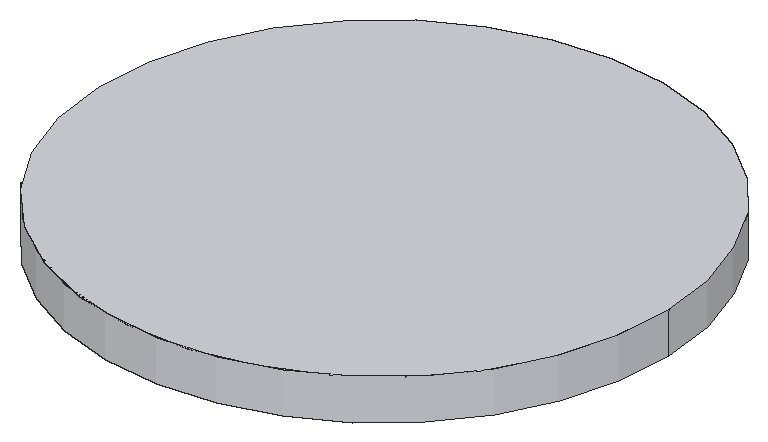
Revit family "WC DRAKAR_RFA", category Aparatos sanitarios, Revit 2021
Family settings
  Cota de conector redondo = Diámetro de uso
  Tipo de pieza = Normal
  Número OmniClass = 23.45.00.00
  Título OmniClass = Sanitary, Laundry, and Cleaning Equipment
  Se basa en plano de trabajo = No
  Siempre vertical = Sí
  Corte con vacíos al cargar = No
  Compartido = No
  Punto de cálculo de habitación = No
Parameters (values of type "WC DRAKAR")
  Warranty = "5 Years Warranty In Iron Fittings"
  URL = "https://helvex.com.mx/wc-drakar-elongado-trampa-expuesta"
  Elevación por defecto = 0"
  Comentarios de tipo = "SANIVEX"
  Total Width = 20.5"
  Total Length = 29.9"
  Total Height = 29.5"
  Technical Details = "Exposed Glazed Trapway; Siphon Action Jetted Bowl; Certified Intake And Flushing Valves; Silent Intake Valve; Flush Valve With Seal; Optimum Water Surface"
  Modelo = "WC DRAKAR"
  Min. Working Pressure = 14.2 psi
  Maximum Consumption = "1.26 gpf"
  Max. Working Pressure = 85.34 psi
  Fabricante = "HELVEX"
  Inlet Threads = "Feeding: Ø 15/16\" - 14 NS-1 Flush: Coupled With Sanitary Flange"
  High Gloss Ceramic = High Gloss Ceramic
  Descripción = "Diseño ergonómico de construcción robusta con cerámica de 10mm de espesor, con sistema de descarga tipo vórtice con sifón jet y espejo de agua óptimo, mueble libre de alabeo (base plana)."
  Data Sheet = "https://helvex.com.mx/wc-drakar-elongado-trampa-expuesta"
  Compliance = "NOM-009-CONAGUA-2001"
  Certification = "https://helvex.com.mx/wc-drakar-elongado-trampa-expuesta"
  Conexión AF = yes
Reference planes (in)
  plane 1 "Center (Front/Back)": y = 0
  plane 2: z = 0
  plane 3 "Center (Left/Right)": x = 0
  plane 4: y = -12
Forms (in)
  Extrusion 1, solid
    sketch origin (0, 0, 0) x (1, 0, 0) y (0, 1, 0)
      loop
        circle (0, -12) r 2
    from 0 to 0.29112
Dimensions and locks (in)
  locked: plane 4 to plane 1 "Center (Front/Back)" at 12  (x2)
  aligned and locked: level to plane 2
Connectors (in)
  piping at (0, -12, 0), diameter 4, driven by "Conexión AF"
    settings: on Extrusion 1, index 1, connector inside diameter 609.6 mm, connector length 0", flow factor 0, pipe flow 0.0 GPM, pressure drop 0.0 psi, fitting loss kfactor 0, connector angle 0.00°, fixture units 0, engagement length 0", angle of deflection 0.00°, flow configuration 2, flow direction 2, fitting loss method 0, system type 16, joint type 0, gender type 0, connector reference index -1, connector utility 1, adjustable connector no, is connector primary yes, connector description ""
